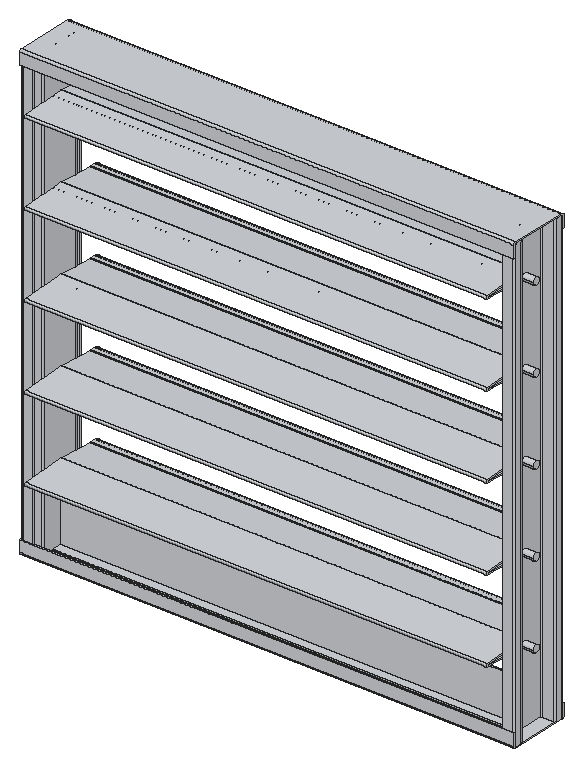
Revit family "CD-170,171", category Mechanical Equipment, Revit 2015
Parameters
  URL = "https://unitedenertech.com/catalog/pdf/A_17%20CD-170,%20171.pdf"
  Type Comments = "Max. Single Section Size is (48\"w x 60\"h)"
  Model = "CD-170, CD-171"
  Manufacturer = "United Enertech Corporation"
  Keynote = "This model is only a representation of the product, blade position will vary from built dampers."
  Exact Width = 3' - 0"
  Exact Height = 2' - 9"
  Description = "Opposed Blade / Parallel Blade Steel Airfoil Blade Control Damper"
  Blade Spacing = 0' - 6"
  Blade Number [instance] = rounddown((Exact Height - 0' 2") / Blade Spacing)  # 5
  BW [instance] = Exact Width - 0' 2 45/128"  # 2' - 9 83/128"
Reference planes (in)
  plane 1 "Center (Front/Back)": y = 0
  plane 2: z = 0
  plane 3 "Center (Left/Right)": x = 0
  plane 4: x = -18
  plane 5: x = 18
  plane 6: z = 33
  plane 7: z = 32.9402
  plane 8: z = 0.0598
  plane 9: y = 0.0598
  plane 10: x = -16.875
  plane 11: x = 16.875
  plane 12: z = 29.77654
Forms (in)
  Extrusion 1, solid
    sketch origin (-35.50069, -38.77709, 12.24295) x (0, -1, 0) y (0, 0, -1)
      loop
        line (-41.02709, -20.19725) -> (-41.02709, -20.69725) -> (-40.27709, -20.69725) -> (-40.27709, -20.61625) -> (-40.94609, -20.61625) -> (-40.94609, -20.19725) -> (-41.02709, -20.19725)
    from 18.62569 to 52.37569
  Extrusion 2, solid
    sketch origin (0, -0.25, -0.875) x (0, 1, 0) y (0, 0, 1)
      loop
        line (2.5, 0.9348) -> (2.5, 4.09846) -> (2.42187, 4.09846) -> (2.42187, 1.01292) -> (1.75, 1.01292) -> (1.75, 0.9348) -> (2.5, 0.9348)
    from -16.875 to 16.875
  Extrusion 3, solid
    sketch origin (0, 19.75977, 12.52095) x (0, 1, 0) y (0, 0, 1)
      loop
        line (-15.25977, 19.47905) -> (-15.25977, 20.35405)
        arc (-15.25977, 20.35405) -> (-15.29638, 20.44244) -> (-15.38477, 20.47905) r 0.125
        line (-15.38477, 20.47905) -> (-19.63477, 20.47905)
        arc (-19.63477, 20.47905) -> (-19.72315, 20.44244) -> (-19.75977, 20.35405) r 0.125
        line (-19.75977, 20.35405) -> (-19.75977, 19.47905) -> (-19.69997, 19.47905) -> (-19.69997, 20.35675)
        arc (-19.69997, 20.35675) -> (-19.68166, 20.40095) -> (-19.63747, 20.41925) r 0.0625
        line (-19.63747, 20.41925) -> (-15.38207, 20.41925)
        arc (-15.38207, 20.41925) -> (-15.33787, 20.40095) -> (-15.31957, 20.35675) r 0.0625
        line (-15.31957, 20.35675) -> (-15.31957, 19.47905) -> (-15.25977, 19.47905)
    from -18 to 18
  Extrusion 4, solid
    sketch origin (21.18549, 29.43549, 10.34902) x (0, -1, 0) y (0, 0, -1)
      loop
        line (24.93549, 9.34902) -> (24.99529, 9.34902) -> (24.99529, 10.22672)
        arc (24.99529, 10.22672) -> (25.0136, 10.27091) -> (25.05779, 10.28922) r 0.0625
        line (25.05779, 10.28922) -> (29.31319, 10.28922)
        arc (29.31319, 10.28922) -> (29.35739, 10.27091) -> (29.37569, 10.22672) r 0.0625
        line (29.37569, 10.22672) -> (29.37569, 9.34902) -> (29.43549, 9.34902) -> (29.43549, 10.22402)
        arc (29.43549, 10.22402) -> (29.39888, 10.31241) -> (29.31049, 10.34902) r 0.125
        line (29.31049, 10.34902) -> (25.06049, 10.34902)
        arc (25.06049, 10.34902) -> (24.9721, 10.31241) -> (24.93549, 10.22402) r 0.125
        line (24.93549, 10.22402) -> (24.93549, 9.34902)
    from -39.18549 to -3.18549
  Extrusion 5, solid
    sketch origin (-37.5533, 13.32855, 20.1158) x (1, 0, 0) y (0, 1, 0)
      loop
        line (20.4283, -8.94815) -> (20.4283, -8.88835) -> (19.6783, -8.88835)
        arc (19.6783, -8.88835) -> (19.58991, -8.92497) -> (19.5533, -9.01335) r 0.125
        line (19.5533, -9.01335) -> (19.5533, -9.45085)
        arc (19.5533, -9.45085) -> (19.58991, -9.53924) -> (19.6783, -9.57585) r 0.125
        line (19.6783, -9.57585) -> (20.556, -9.57585)
        arc (20.556, -9.57585) -> (20.60019, -9.59416) -> (20.6185, -9.63835) r 0.0625
        line (20.6185, -9.63835) -> (20.6185, -12.51875)
        arc (20.6185, -12.51875) -> (20.60019, -12.56295) -> (20.556, -12.58125) r 0.0625
        line (20.556, -12.58125) -> (19.6783, -12.58125)
        arc (19.6783, -12.58125) -> (19.58991, -12.61787) -> (19.5533, -12.70625) r 0.125
        line (19.5533, -12.70625) -> (19.5533, -13.14375)
        arc (19.5533, -13.14375) -> (19.58991, -13.23214) -> (19.6783, -13.26875) r 0.125
        line (19.6783, -13.26875) -> (20.4283, -13.26875) -> (20.4283, -13.20895) -> (19.6756, -13.20895)
        arc (19.6756, -13.20895) -> (19.63141, -13.19065) -> (19.6131, -13.14645) r 0.0625
        line (19.6131, -13.14645) -> (19.6131, -12.70355)
        arc (19.6131, -12.70355) -> (19.63141, -12.65936) -> (19.6756, -12.64105) r 0.0625
        line (19.6756, -12.64105) -> (20.5533, -12.64105)
        arc (20.5533, -12.64105) -> (20.64169, -12.60444) -> (20.6783, -12.51605) r 0.125
        line (20.6783, -12.51605) -> (20.6783, -9.64105)
        arc (20.6783, -9.64105) -> (20.64169, -9.55267) -> (20.5533, -9.51605) r 0.125
        line (20.5533, -9.51605) -> (19.6756, -9.51605)
        arc (19.6756, -9.51605) -> (19.63141, -9.49775) -> (19.6131, -9.45355) r 0.0625
        line (19.6131, -9.45355) -> (19.6131, -9.01065)
        arc (19.6131, -9.01065) -> (19.63141, -8.96646) -> (19.6756, -8.94815) r 0.0625
        line (19.6756, -8.94815) -> (20.4283, -8.94815)
    from -20.056 to 12.8244
  Extrusion 6, solid
    sketch origin (37.5533, 13.32855, 20.1158) x (1, 0, 0) y (0, 1, 0)
      loop
        line (-20.4283, -8.94815) -> (-19.6756, -8.94815)
        arc (-19.6756, -8.94815) -> (-19.63141, -8.96646) -> (-19.6131, -9.01065) r 0.0625
        line (-19.6131, -9.01065) -> (-19.6131, -9.45355)
        arc (-19.6131, -9.45355) -> (-19.63141, -9.49775) -> (-19.6756, -9.51605) r 0.0625
        line (-19.6756, -9.51605) -> (-20.5533, -9.51605)
        arc (-20.5533, -9.51605) -> (-20.64169, -9.55267) -> (-20.6783, -9.64105) r 0.125
        line (-20.6783, -9.64105) -> (-20.6783, -12.51605)
        arc (-20.6783, -12.51605) -> (-20.64169, -12.60444) -> (-20.5533, -12.64105) r 0.125
        line (-20.5533, -12.64105) -> (-19.6756, -12.64105)
        arc (-19.6756, -12.64105) -> (-19.63141, -12.65936) -> (-19.6131, -12.70355) r 0.0625
        line (-19.6131, -12.70355) -> (-19.6131, -13.14645)
        arc (-19.6131, -13.14645) -> (-19.63141, -13.19065) -> (-19.6756, -13.20895) r 0.0625
        line (-19.6756, -13.20895) -> (-20.4283, -13.20895) -> (-20.4283, -13.26875) -> (-19.6783, -13.26875)
        arc (-19.6783, -13.26875) -> (-19.58991, -13.23214) -> (-19.5533, -13.14375) r 0.125
        line (-19.5533, -13.14375) -> (-19.5533, -12.70625)
        arc (-19.5533, -12.70625) -> (-19.58991, -12.61787) -> (-19.6783, -12.58125) r 0.125
        line (-19.6783, -12.58125) -> (-20.556, -12.58125)
        arc (-20.556, -12.58125) -> (-20.60019, -12.56295) -> (-20.6185, -12.51875) r 0.0625
        line (-20.6185, -12.51875) -> (-20.6185, -9.63835)
        arc (-20.6185, -9.63835) -> (-20.60019, -9.59416) -> (-20.556, -9.57585) r 0.0625
        line (-20.556, -9.57585) -> (-19.6783, -9.57585)
        arc (-19.6783, -9.57585) -> (-19.58991, -9.53924) -> (-19.5533, -9.45085) r 0.125
        line (-19.5533, -9.45085) -> (-19.5533, -9.01335)
        arc (-19.5533, -9.01335) -> (-19.58991, -8.92497) -> (-19.6783, -8.88835) r 0.125
        line (-19.6783, -8.88835) -> (-20.4283, -8.88835) -> (-20.4283, -8.94815)
    from -20.056 to 12.8244
Dimensions and locks (in)
  equal spacing: plane 4, plane 3 "Center (Left/Right)", plane 5
  "Exact Width": plane 4 to plane 5
  "Exact Height": plane 6 to level
  locked: plane 6 to plane 7 at 0.0598
  locked: plane 8 to level at 0.0598
  locked: plane 9 to plane 1 "Center (Front/Back)" at 0.0598
  locked: plane 4 to plane 10 at 1.125
  locked: plane 11 to plane 5 at 1.125
  locked: plane 6 to plane 12 at 3.22346
  equal spacing: group 1, group 2, group 3, group 4, group 5  (x2)
  equal spacing: group 5, group 4, group 3, group 2, group 1
  "Blade Spacing": nested 1 to nested 2
  aligned and locked: level to plane 2
  aligned and locked: plane 6 to Extrusion 3
  aligned and locked: plane 7 to Extrusion 1
  aligned and locked: Extrusion 2 to plane 8
  aligned and locked: plane 4 to Extrusion 3
  aligned and locked: Extrusion 3 to plane 5
  aligned and locked: plane 4 to Extrusion 4
  aligned and locked: Extrusion 4 to plane 5
  aligned and locked: plane 4 to Extrusion 5
  aligned and locked: Extrusion 5 to plane 8
  aligned and locked: Extrusion 6 to plane 8
  aligned and locked: plane 7 to Extrusion 6
  aligned and locked: plane 7 to Extrusion 5
  aligned and locked: Extrusion 1 to plane 10
  aligned and locked: Extrusion 2 to plane 10
  aligned and locked: plane 11 to Extrusion 1
  aligned and locked: plane 11 to Extrusion 2
  aligned and locked: plane 3 "Center (Left/Right)" to nested 1
  aligned and locked: plane 12 to nested 1
Automatic sketch dimensions
  plane 7 to Extrusion 1 sketch curve = 0' - 0"
  Extrusion 1 sketch curve to plane 7 = 0' - 0 1/2"
  plane 9 to Extrusion 1 sketch curve = 0' - 2.1902"
  Extrusion 1 sketch curve to Extrusion 1 sketch curve = 0' - 0.081"
  Extrusion 1 sketch curve to plane 7 = 0' - 0.081"
  Extrusion 1 sketch curve to Extrusion 1 sketch curve = 0' - 0.669"
  Extrusion 2 sketch curve to plane 8 = 0' - 0"
  plane 8 to Extrusion 2 sketch curve = 0' - 0 5/64"
  plane 9 to Extrusion 2 sketch curve = 0' - 1.4402"
  Extrusion 2 sketch curve to Extrusion 2 sketch curve = 0' - 0 43/64"
  Extrusion 2 sketch curve to Extrusion 2 sketch curve = 0' - 0 5/64"
  Extrusion 2 sketch curve to Extrusion 2 sketch curve = 0' - 3.08553"
  Extrusion 3 sketch curve to plane 1 "Center (Front/Back)" = 0' - 0"
  Extrusion 3 sketch curve to plane 9 = 0' - 0"
  Extrusion 3 sketch curve to plane 7 = 0' - 0"
  Extrusion 3 sketch curve to plane 6 = 0' - 0"
  Extrusion 3 sketch curve to plane 7 = 0' - 0 1/16"
  Extrusion 3 sketch curve to Extrusion 3 sketch curve = 0' - 0.0027"  (x2)
  Extrusion 3 sketch curve to Extrusion 3 sketch curve = 0' - 4 1/4"
  Extrusion 3 sketch curve to Extrusion 3 sketch curve = 0' - 0.0652"
  Extrusion 3 sketch curve to Extrusion 3 sketch curve = 0' - 0.0598"
  Extrusion 3 sketch curve to Extrusion 3 sketch curve = 0' - 0 7/8"  (x2)
  plane 8 to Extrusion 4 sketch curve = 0' - 0"
  Extrusion 4 sketch curve to level = 0' - 0"
  Extrusion 4 sketch curve to plane 9 = 0' - 0"
  Extrusion 4 sketch curve to plane 1 "Center (Front/Back)" = 0' - 0"
  Extrusion 4 sketch curve to Extrusion 4 sketch curve = 0' - 0 1/16"
  Extrusion 4 sketch curve to Extrusion 4 sketch curve = 0' - 0.0027"  (x2)
  plane 8 to Extrusion 4 sketch curve = 0' - 0.0652"
  Extrusion 4 sketch curve to Extrusion 4 sketch curve = 0' - 4 1/4"
  Extrusion 4 sketch curve to Extrusion 4 sketch curve = 0' - 0.0598"
  Extrusion 4 sketch curve to Extrusion 4 sketch curve = 0' - 0 7/8"  (x2)
  Extrusion 5 sketch curve to plane 4 = 0' - 0"  (x2)
  Extrusion 5 sketch curve to plane 10 = 0' - 0"
  Extrusion 5 sketch curve to plane 4 = 0' - 0.0598"  (x2)
  Extrusion 5 sketch curve to Extrusion 5 sketch curve = 0' - 0 1/16"  (x4)
  Extrusion 5 sketch curve to Extrusion 5 sketch curve = 0' - 0.0027"  (x9)
  Extrusion 5 sketch curve to plane 10 = 0' - 0 1/4"  (x2)
  Extrusion 5 sketch curve to plane 10 = 0' - 0 1/8"  (x2)
  Extrusion 5 sketch curve to plane 10 = 0' - 0.0598"
  Extrusion 5 sketch curve to plane 1 "Center (Front/Back)" = 0' - 0.0598"
  Extrusion 5 sketch curve to Extrusion 5 sketch curve = 0' - 0.0598"
  Extrusion 5 sketch curve to Extrusion 5 sketch curve = 0' - 0 7/16"  (x2)
  Extrusion 5 sketch curve to Extrusion 5 sketch curve = 0' - 2 7/8"
  Extrusion 6 sketch curve to plane 5 = 0' - 0"  (x2)
  plane 5 to Extrusion 6 sketch curve = 0' - 0.0598"  (x2)
  Extrusion 6 sketch curve to Extrusion 6 sketch curve = 0' - 0 1/16"  (x5)
  Extrusion 6 sketch curve to Extrusion 6 sketch curve = 0' - 0.0027"  (x9)
  Extrusion 6 sketch curve to Extrusion 6 sketch curve = 0' - 0.0598"  (x2)
  Extrusion 6 sketch curve to plane 1 "Center (Front/Back)" = 0' - 0.0598"
  Extrusion 6 sketch curve to Extrusion 6 sketch curve = 0' - 0 7/16"  (x2)
  Extrusion 6 sketch curve to Extrusion 6 sketch curve = 0' - 2 7/8"
  Extrusion 6 sketch curve to Extrusion 6 sketch curve = 0' - 0 3/4"  (x2)
  Extrusion 6 sketch curve to Extrusion 6 sketch curve = 0' - 0 1/8"
  Extrusion 6 sketch curve to Extrusion 6 sketch curve = 0' - 0.0652"
Nested families (in)
  nested 1: "Blade" at (0, 6.16824, 23.5), type "Blade"
    with Blade Width 2' - 9 83/128"
  nested 2: "Blade" at (0, 6.16824, 17.5), type "Blade"
    with Blade Width 2' - 9 83/128"
  nested 3: "Blade" at (0, 6.16824, 11.5), type "Blade"
    with Blade Width 2' - 9 83/128"
  nested 4: "Blade" at (0, 6.16824, 5.5), type "Blade"
    with Blade Width 2' - 9 83/128"
  nested 5: "Blade" at (0, 6.16824, -0.5), type "Blade"
    with Blade Width 2' - 9 83/128"
Definition of nested family "Blade"
  Parameters (values of type "Blade")
    Blade Width = 3' - 0"
  Reference planes (in)
    plane 1 "Center (Front/Back)": y = 0
    plane 2: z = 0
    plane 3 "Center (Left/Right)": x = 0
    plane 4: x = -18
    plane 5: x = 18
    plane 6: x = -16
    plane 7: x = 16
    plane 8: x = 19
    plane 9: x = -19
  Forms (in)
    Extrusion 1, solid
      sketch origin (0, 0, 0) x (0, 1, 0) y (0, 0, 1)
        loop
          circle (-3.91824, 5.96901) r 0.25
      from -19 to 19
    Extrusion 2, solid
      sketch origin (0, 0, 0) x (0, 1, 0) y (0, 0, 1)
        loop
          line (-0.72166, 6.02766) -> (-3.88775, 6.27654) -> (-3.94871, 6.27654) -> (-7.11481, 6.02749)
          arc (-7.11481, 6.02749) -> (-7.20288, 5.93943) -> (-7.11481, 5.85136) r 0.08806
          line (-7.11481, 5.85136) -> (-6.6163, 5.8129) -> (-6.61176, 5.87173) -> (-7.11679, 5.91045)
          arc (-7.11679, 5.91045) -> (-7.14386, 5.94068) -> (-7.11481, 5.96901) r 0.02933
          line (-7.11481, 5.96901) -> (-3.91821, 6.21978) -> (-0.73074, 5.96901) -> (-0.72166, 6.02766)
      from -18 to 18
    Extrusion 3, solid
      sketch origin (0, 0, 0) x (0, 1, 0) y (0, 0, 1)
        loop
          line (-1.2247, 6.06647) -> (-0.72166, 6.02766)
          arc (-0.72166, 6.02766) -> (-0.6926, 5.99834) -> (-0.72166, 5.96901) r 0.02933
          line (-0.72166, 5.96901) -> (-3.91826, 5.71824) -> (-7.10574, 5.96901) -> (-7.11481, 5.91036) -> (-3.91824, 5.65909) -> (-0.72166, 5.91054)
          arc (-0.72166, 5.91054) -> (-0.6336, 5.9986) -> (-0.72166, 6.08666) r 0.08806
          line (-0.72166, 6.08666) -> (-1.22018, 6.12512) -> (-1.2247, 6.06647)
      from -18 to 18
  Dimensions and locks (in)
    equal spacing: plane 4, plane 3 "Center (Left/Right)", plane 5
    "Blade Width": plane 4 to plane 5
    locked: plane 9 to plane 4 at 1
    locked: plane 4 to plane 6 at 2
    locked: plane 7 to plane 5 at 2
    locked: plane 5 to plane 8 at 1
    aligned and locked: level to plane 2
    aligned and locked: plane 4 to Extrusion 2
    aligned and locked: plane 4 to Extrusion 3
    aligned and locked: plane 5 to Extrusion 2
    aligned and locked: plane 5 to Extrusion 3
    aligned and locked: plane 8 to Extrusion 1
    aligned and locked: Extrusion 1 to plane 9
  Automatic sketch dimensions
    plane 1 "Center (Front/Back)" to Extrusion 2 sketch curve = 0' - 7.11481"
    Extrusion 2 sketch curve to Extrusion 2 sketch curve = 0' - 0"
    Extrusion 2 sketch curve to Extrusion 2 sketch curve = 0' - 0.00026"  (x2)
    Extrusion 2 sketch curve to Extrusion 2 sketch curve = 0' - 0.49852"
    Extrusion 2 sketch curve to Extrusion 2 sketch curve = 0' - 2.66759"
    Extrusion 2 sketch curve to Extrusion 2 sketch curve = 0' - 0.06096"
    plane 1 "Center (Front/Back)" to Extrusion 2 sketch curve = 0' - 0.73074"
    Extrusion 2 sketch curve to Extrusion 2 sketch curve = 0' - 0.00908"
    level to Extrusion 2 sketch curve = 0' - 5.8129"
    Extrusion 2 sketch curve to Extrusion 2 sketch curve = 0' - 0.03846"
    Extrusion 2 sketch curve to Extrusion 2 sketch curve = 0' - 0.08806"
    Extrusion 2 sketch curve to Extrusion 2 sketch curve = 0' - 0.15611"
    Extrusion 2 sketch curve to Extrusion 2 sketch curve = 0' - 0.02933"
    Extrusion 2 sketch curve to Extrusion 2 sketch curve = 0' - 0.05865"
    Extrusion 2 sketch curve to Extrusion 2 sketch curve = 0' - 0.46364"
    Extrusion 2 sketch curve to Extrusion 2 sketch curve = 0' - 0.00198"
    Extrusion 2 sketch curve to Extrusion 2 sketch curve = 0' - 0.00454"
    Extrusion 2 sketch curve to Extrusion 2 sketch curve = 0' - 0.0305"
    Extrusion 2 sketch curve to Extrusion 2 sketch curve = 0' - 0.05676"
    plane 1 "Center (Front/Back)" to Extrusion 3 sketch curve = 0' - 7.11481"
    Extrusion 3 sketch curve to Extrusion 3 sketch curve = 0' - 0.00908"
    Extrusion 3 sketch curve to Extrusion 3 sketch curve = 0' - 3.18747"
    Extrusion 3 sketch curve to Extrusion 3 sketch curve = 0' - 0.00003"
    plane 1 "Center (Front/Back)" to Extrusion 3 sketch curve = 0' - 1.22018"
    Extrusion 3 sketch curve to Extrusion 3 sketch curve = 0' - 0.00026"  (x3)
    level to Extrusion 3 sketch curve = 0' - 5.65909"
    Extrusion 3 sketch curve to Extrusion 3 sketch curve = 0' - 0.05916"
    Extrusion 3 sketch curve to Extrusion 3 sketch curve = 0' - 0.19212"
    Extrusion 3 sketch curve to Extrusion 3 sketch curve = 0' - 0.1923"
    Extrusion 3 sketch curve to Extrusion 3 sketch curve = 0' - 0.05848"
    Extrusion 3 sketch curve to Extrusion 3 sketch curve = 0' - 0.05865"
    Extrusion 3 sketch curve to Extrusion 3 sketch curve = 0' - 0.02933"
    Extrusion 3 sketch curve to Extrusion 3 sketch curve = 0' - 0.03846"
    Extrusion 3 sketch curve to Extrusion 3 sketch curve = 0' - 0.00453"
    Extrusion 3 sketch curve to Extrusion 3 sketch curve = 0' - 0"
